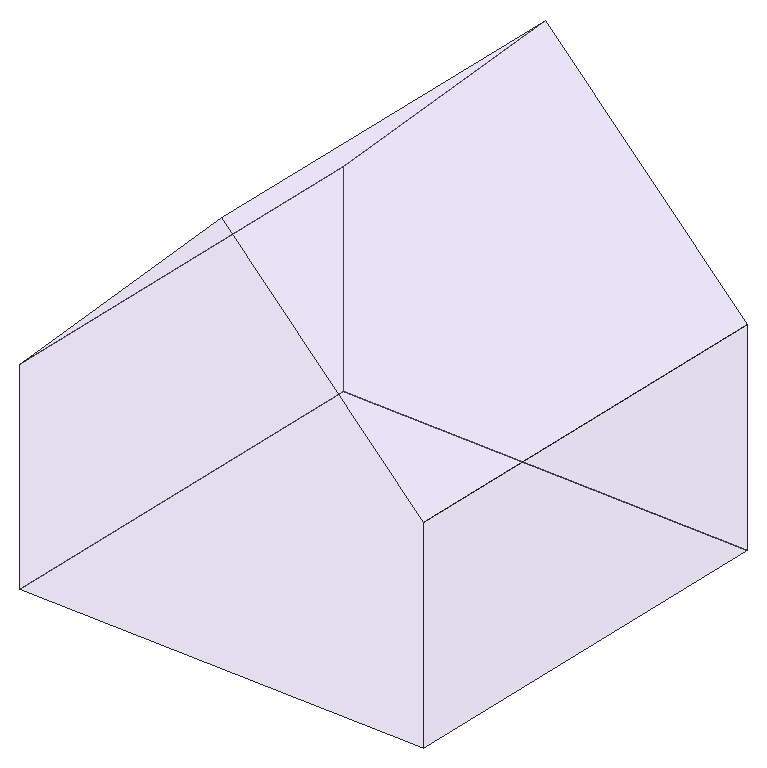
Revit family
Parameters
  Width [instance] = 9000 mm
  Mass Material [instance] = Default Mass
  Eave Height [instance] = 4500 mm
  Height [instance] = 9000 mm
  Depth [instance] = 9000 mm
  Default Elevation = 1200 mm
Reference planes
  plane 1 "Center (Front/Back)": y = 12.955
  plane 2: z = 0
  plane 3 "Center (Left/Right)": x = -30.261
  plane 4: y = 4512.955
  plane 5: x = 4469.739
  plane 6: x = -4530.261
  plane 7: y = -4487.045
  plane 8: z = 9000
  plane 9: z = 4500
Forms (mm)
  Extrusion 1, solid, material "Default Mass" <- "Mass Material"
    sketch origin (0, 12.955, 0) x (1, 0, 0) y (0, 0, 1)
      loop
        line (4469.739, 0) -> (4469.739, 4500) -> (-30.261, 9000) -> (-4530.261, 4500) -> (-4530.261, 0) -> (4469.739, 0)
    from -4500 to 4500
Dimensions and locks
  equal spacing: plane 6, plane 3 "Center (Left/Right)", plane 5
  "Width": plane 6 to plane 5
  equal spacing: plane 4, plane 1 "Center (Front/Back)", plane 7
  "Depth": plane 4 to plane 7
  "Height": plane 8 to plane 2
  locked: plane 2 to level
  "Eave Height": plane 9 to plane 2
  aligned and locked: Extrusion 1 sketch curve to plane 5
  aligned and locked: plane 6 to Extrusion 1 sketch curve
  aligned and locked: Extrusion 1 to plane 4
  aligned and locked: Extrusion 1 to plane 7
  aligned and locked: plane 2 to Extrusion 1 sketch curve
  aligned and locked: plane 9 to Extrusion 1 sketch curve  (x2)
  aligned and locked: plane 8 to Extrusion 1 sketch curve
Automatic sketch dimensions
  Extrusion 1 sketch curve to plane 3 "Center (Left/Right)" = 0 mm
